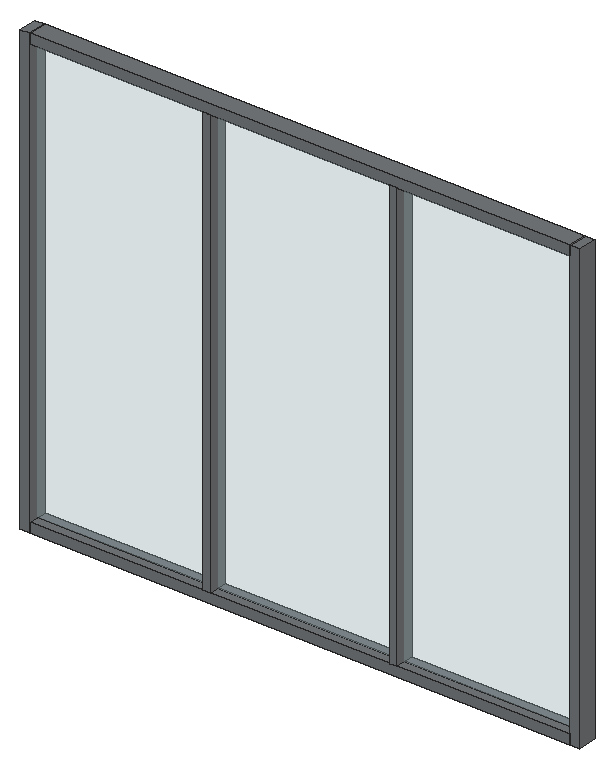
Revit family "LC D04 - A11", category Doors, host Wall, Revit 2027
Family settings
  Host = Wall
  Always vertical = Yes
  Cut with Voids When Loaded = No
  Shared = No
  Room Calculation Point = No
Parameters (values of type "A11 nominal size")
  Function = Interior
  Frame Projection Ext. = 25 mm
  Frame Projection Int. = 25 mm
  Frame Width = 75 mm
  Height = 2400 mm  # constant formula
  Wall Closure = By host
  Width = 3000 mm  # constant formula
  Description = "A07/A08 position, A11 overall sizes. Frame50x100 and glazing6mm are visual coordination profiles; manufacturer sections/glazing specification pending. Panel divisions follow schedule appearance, undimensioned divisions provisional."
Reference planes
  plane 1: y = 0
  plane 2 "Center (Left/Right)": x = 0
  plane 3 "Left": x = -1500
  plane 4 "Right": x = 1500
  plane 5: z = 2400
  plane 6 "Exterior": y = 75
  plane 7 "Interior": y = -75
Forms (mm)
  Extrusion 1, solid, material "LC Aluminium - charcoal coordination"
    sketch origin (0, 0, 0) x (1, 0, 0) y (0, 1, 0)
      loop
        line (-1500, -50) -> (-1450, -50) -> (-1450, 50) -> (-1500, 50) -> (-1500, -50)
    from 0 to 2400
  Extrusion 2, solid, material "LC Aluminium - charcoal coordination"
    sketch origin (0, 0, 0) x (1, 0, 0) y (0, 1, 0)
      loop
        line (1450, -50) -> (1500, -50) -> (1500, 50) -> (1450, 50) -> (1450, -50)
    from 0 to 2400
  Extrusion 3, solid, material "LC Aluminium - charcoal coordination"
    sketch origin (0, 0, 0) x (1, 0, 0) y (0, 1, 0)
      loop
        line (-1450, -50) -> (1450, -50) -> (1450, 50) -> (-1450, 50) -> (-1450, -50)
    from 2350 to 2400
  Extrusion 4, solid, material "LC Aluminium - charcoal coordination"
    sketch origin (0, 0, 0) x (1, 0, 0) y (0, 1, 0)
      loop
        line (-1450, -50) -> (1450, -50) -> (1450, 50) -> (-1450, 50) -> (-1450, -50)
    from 0 to 50
  Extrusion 5, solid, material "LC Aluminium - charcoal coordination"
    sketch origin (0, 0, 0) x (1, 0, 0) y (0, 1, 0)
      loop
        line (-520, -50) -> (-480, -50) -> (-480, 50) -> (-520, 50) -> (-520, -50)
    from 50 to 2350
  Extrusion 6, solid, material "LC Aluminium - charcoal coordination"
    sketch origin (0, 0, 0) x (1, 0, 0) y (0, 1, 0)
      loop
        line (480, -50) -> (520, -50) -> (520, 50) -> (480, 50) -> (480, -50)
    from 50 to 2350
  Extrusion 7, solid, material "LC Glazing - specification pending"
    sketch origin (0, 0, 0) x (1, 0, 0) y (0, 1, 0)
      loop
        line (-1450, -3) -> (-500, -3) -> (-500, 3) -> (-1450, 3) -> (-1450, -3)
    from 50 to 2350
  Extrusion 8, solid, material "LC Glazing - specification pending"
    sketch origin (0, 0, 0) x (1, 0, 0) y (0, 1, 0)
      loop
        line (-500, -3) -> (500, -3) -> (500, 3) -> (-500, 3) -> (-500, -3)
    from 50 to 2350
  Extrusion 9, solid, material "LC Glazing - specification pending"
    sketch origin (0, 0, 0) x (1, 0, 0) y (0, 1, 0)
      loop
        line (500, -3) -> (1450, -3) -> (1450, 3) -> (500, 3) -> (500, -3)
    from 50 to 2350
Lines and regions (mm)
  Opening 1
    outline origin (-3050, -75, 0) x (1, 0, 0) y (0, 0, 1)
      loop
        line (1550, 0) -> (4550, 0) -> (4550, 2400) -> (1550, 2400) -> (1550, 0)
  symbolic lines, style "Elevation Swing"
    curve 1: line (1500, -75, 1200) -> (-1500, -75, 2400)
    curve 2: line (1500, -75, 1200) -> (-1500, -75, 0)
Text (mm)
  text "Exterior" at (-1376.75, 1099.543, 0), in view "Ref. Level"
  text "Exterior" at (0, 1615.38, 3698.081), in view "Left"
  text "Exterior" at (0, 1036.032, 3874.932), in view "Right"
Dimensions and locks
  equal spacing: plane 3 "Left", plane 2 "Center (Left/Right)", plane 4 "Right"
  "Width": plane 3 "Left" to plane 4 "Right"
  "Height": plane 5 to host wall
  equal spacing: host wall, curve 2, plane 5
  host wall to plane 5 = 2400 mm
  locked: plane 6 "Exterior" to host wall
  locked: plane 7 "Interior" to host wall
  aligned and locked: plane 3 "Left" to Opening 1 sketch curve
  aligned and locked: plane 5 to Opening 1 sketch curve  (x2)
  aligned and locked: Opening 1 sketch curve to plane 4 "Right"
  aligned and locked: Opening 1 sketch curve to level
  aligned and locked: plane 5 to curve 1
  aligned and locked: plane 3 "Left" to curve 2
  aligned and locked: plane 1 to host wall
  aligned and locked: plane 3 "Left" to curve 1
Automatic sketch dimensions
  plane 4 "Right" to curve 2 = 0 mm
  curve 2 to level = 0 mm
  Extrusion 1 sketch curve to plane 3 "Left" = 0 mm
  Extrusion 1 sketch curve to host wall = 25 mm  (x2)
  Extrusion 1 sketch curve to Extrusion 1 sketch curve = 50 mm
  Extrusion 2 sketch curve to plane 4 "Right" = 0 mm
  Extrusion 2 sketch curve to host wall = 25 mm  (x2)
  plane 4 "Right" to Extrusion 2 sketch curve = 50 mm
  Extrusion 3 sketch curve to host wall = 25 mm  (x2)
  Extrusion 3 sketch curve to plane 3 "Left" = 50 mm
  plane 4 "Right" to Extrusion 3 sketch curve = 50 mm
  Extrusion 4 sketch curve to host wall = 25 mm  (x2)
  Extrusion 4 sketch curve to plane 3 "Left" = 50 mm
  plane 4 "Right" to Extrusion 4 sketch curve = 50 mm
  Extrusion 5 sketch curve to host wall = 25 mm  (x2)
  Extrusion 5 sketch curve to plane 2 "Center (Left/Right)" = 520 mm
  Extrusion 5 sketch curve to Extrusion 5 sketch curve = 40 mm
  Extrusion 6 sketch curve to host wall = 25 mm  (x2)
  plane 2 "Center (Left/Right)" to Extrusion 6 sketch curve = 480 mm
  Extrusion 6 sketch curve to Extrusion 6 sketch curve = 40 mm
  host wall to Extrusion 7 sketch curve = 3 mm
  Extrusion 7 sketch curve to plane 3 "Left" = 50 mm
  Extrusion 7 sketch curve to host wall = 3 mm
  Extrusion 7 sketch curve to plane 2 "Center (Left/Right)" = 500 mm
  host wall to Extrusion 8 sketch curve = 3 mm
  Extrusion 8 sketch curve to plane 2 "Center (Left/Right)" = 500 mm
  Extrusion 8 sketch curve to host wall = 3 mm
  plane 2 "Center (Left/Right)" to Extrusion 8 sketch curve = 500 mm
  host wall to Extrusion 9 sketch curve = 3 mm
  plane 2 "Center (Left/Right)" to Extrusion 9 sketch curve = 500 mm
  Extrusion 9 sketch curve to host wall = 3 mm
  plane 4 "Right" to Extrusion 9 sketch curve = 50 mm
